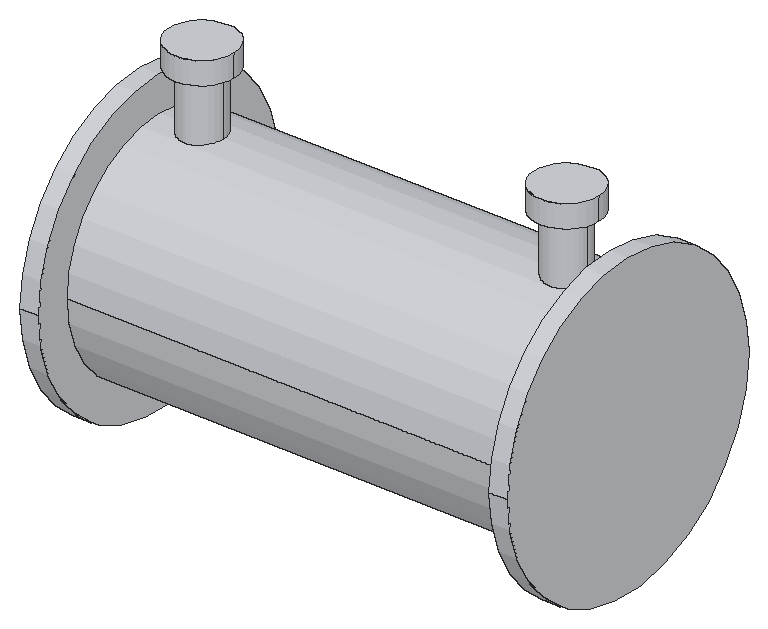
Revit family "83f3f38af1024b408145f404eaf45b82", category Conduit Fittings, Revit 2021
Family settings
  Round Connector Dimension = Use Radius
  Part Type = Union
  OmniClass Number = 23.80.30.17.11
  OmniClass Title = Conduits
  Work Plane-Based = No
  Always vertical = Yes
  Cut with Voids When Loaded = No
  Shared = No
Parameters (values of type "Standard")
  Radius 2 [instance] = 0.75 * Length 1  # 0.10045"
  Radius 1 [instance] = 0.5 * Length 1  # 0.06696"
  Nominal Radius [instance] = 1/4"
  Nominal Diameter [instance] = Nominal Radius * 2  # 1/2"
  Length 3 [instance] = 1.3 * End Outside Radius  # 39/64"
  Length 2 [instance] = 0.15 * End Outside Radius  # 9/128"
  Length 1 [instance] = End Outside Diameter / 7  # 0.13393"
  End Thickness [instance] = End Outside Diameter * 0.06  # 0.05625"
  End Outside Radius [instance] = End Outside Diameter / 2  # 15/32"
  End Outside Diameter [instance] = size_lookup(Conduit Size Lookup, "EOD", 1.22 * Nominal Diameter + 1/4", Nominal Diameter)  # 15/16"
  Fitting Outside Radius [instance] = Fitting Outside Diameter / 2  # 23/64"
  Fitting Outside Diameter [instance] = size_lookup(Conduit Size Lookup, "FOD", 1.11 * Nominal Diameter + 13/128", Nominal Diameter)  # 23/32"
  Length [instance] = size_lookup(Conduit Size Lookup, "Lgt", 1.15 * Nominal Diameter + 1 13/256", Nominal Diameter)  # 1 33/64"
  Default Elevation = 0' - 0"
  Conduit Size Lookup = "Conduit Coupling - Set Screw - Die Cast Zinc"
Reference planes (in)
  plane 1 "Center (Front/Back)": y = 0
  plane 2: z = 0
  plane 3 "Center (Left/Right)": x = 0
  plane 4: x = 1.51563
  plane 5: x = 0.75781
  plane 6: x = 0.05625
  plane 7: x = 1.45938
  plane 8: z = 0.60937
  plane 9: z = 0.53906
  plane 10: x = 0.19018
  plane 11: x = 1.32545
Forms (in)
  Extrusion 1, solid, detail levels fine
    sketch origin (0, 0, 0) x (1, 0, 0) y (0, 1, 0)
      loop
        circle (0.19018, 0) r 0.06696
      loop
        circle (1.32545, 0) r 0.06696
    from 0 to 0.53906
  Extrusion 2, solid, detail levels fine
    sketch origin (0, 0, 0) x (1, 0, 0) y (0, 1, 0)
      loop
        circle (0.19018, 0) r 0.10045
      loop
        circle (1.32545, 0) r 0.10045
    from 0.53906 to 0.60938
  Extrusion 3, solid, detail levels fine
    sketch origin (0, 0, 0) x (0, 1, 0) y (0, 0, 1)
      loop
        circle (0, 0) r 0.46875
    from 0 to 0.05625
  Extrusion 4, solid, detail levels fine
    sketch origin (0, 0, 0) x (0, 1, 0) y (0, 0, 1)
      loop
        circle (0, 0) r 0.46875
    from 1.45938 to 1.51563
  Extrusion 5, solid, detail levels fine
    sketch origin (0, 0, 0) x (0, 1, 0) y (0, 0, 1)
      loop
        circle (0, 0) r 0.35938
    from 0.05625 to 1.45938
Cuts and joins
  joined: Extrusion 1, Extrusion 2, Extrusion 3, Extrusion 4, Extrusion 5
Lines and regions (in)
  model lines, detail levels coarse+medium
    curve 1: line (0, 0, 0) -> (1.51563, 0, 0)
Dimensions and locks (in)
  "Length": plane 3 "Center (Left/Right)" to plane 4
  equal spacing: plane 3 "Center (Left/Right)", plane 5, plane 4
  "End Thickness": plane 3 "Center (Left/Right)" to plane 6
  "End Thickness": plane 7 to plane 4
  "Length 3": level to plane 8
  "Length 2": plane 9 to plane 8
  "Length 1": plane 6 to plane 10
  "Length 1": plane 11 to plane 7
  "Radius 1": radius of Extrusion 1 sketch curve  (x2)
  "Radius 2": radius of Extrusion 2 sketch curve  (x2)
  "End Outside Radius": radius of Extrusion 3 sketch curve
  "End Outside Radius": radius of Extrusion 4 sketch curve
  "Fitting Outside Radius": radius of Extrusion 5 sketch curve
  aligned and locked: plane 1 "Center (Front/Back)" to curve 1
  aligned and locked: plane 3 "Center (Left/Right)" to curve 1
  aligned and locked: plane 4 to curve 1
  aligned and locked: plane 1 "Center (Front/Back)" to Extrusion 1 sketch curve
  aligned and locked: plane 10 to Extrusion 1 sketch curve
  aligned and locked: plane 11 to Extrusion 1 sketch curve
  aligned and locked: Extrusion 1 to level
  aligned and locked: Extrusion 1 to plane 9
  aligned and locked: plane 1 "Center (Front/Back)" to Extrusion 2 sketch curve  (x2)
  aligned and locked: plane 11 to Extrusion 2 sketch curve
  aligned and locked: plane 10 to Extrusion 2 sketch curve
  aligned and locked: plane 9 to Extrusion 2
  aligned and locked: plane 8 to Extrusion 2
  aligned and locked: plane 2 to Extrusion 3 sketch curve
  aligned and locked: plane 1 "Center (Front/Back)" to Extrusion 3 sketch curve
  aligned and locked: Extrusion 3 to plane 3 "Center (Left/Right)"
  aligned and locked: plane 6 to Extrusion 3
  aligned and locked: plane 1 "Center (Front/Back)" to Extrusion 4 sketch curve
  aligned and locked: plane 2 to Extrusion 4 sketch curve
  aligned and locked: plane 4 to Extrusion 4
  aligned and locked: Extrusion 4 to plane 7
  aligned and locked: plane 1 "Center (Front/Back)" to Extrusion 5 sketch curve
  aligned and locked: plane 2 to Extrusion 5 sketch curve
  aligned and locked: Extrusion 5 to Extrusion 3
  aligned and locked: Extrusion 5 to Extrusion 4
Automatic sketch dimensions
  plane 1 "Center (Front/Back)" to Extrusion 1 sketch curve = 0' - 0"
Connectors (in)
  cabletrayconduit at (0, 0, 0), diameter 0.5, driven by "Nominal Radius"
    settings: on cut or joined group of Extrusion 1, Extrusion 2, Extrusion 3, Extrusion 4, Extrusion 5, index 1, connector width 1' - 0", connector height 1' - 0", connector angle 0.00°, system type 32, placement type 0, profile type 0, connector reference index 2, is primary connector yes, connector utility param no, connector description ""
  cabletrayconduit at (1.51563, 0, 0), diameter 0.5, driven by "Nominal Radius"
    settings: on cut or joined group of Extrusion 1, Extrusion 2, Extrusion 3, Extrusion 4, Extrusion 5, index 2, connector width 1' - 0", connector height 1' - 0", connector angle 0.00°, system type 32, placement type 0, profile type 0, connector reference index 1, is primary connector no, connector utility param no, connector description ""
